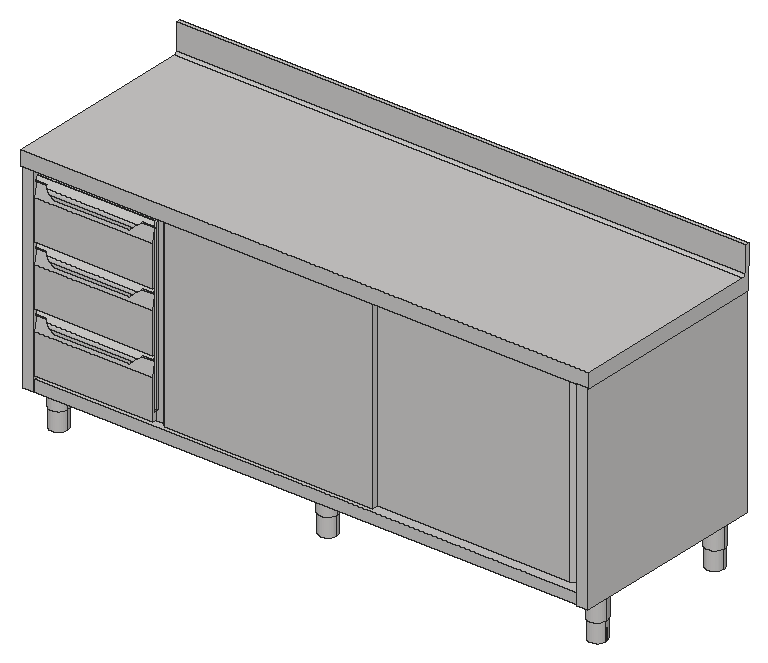
Revit family "QF_ELECTROLUXPROFESSIONAL_133172_NTA2010SXP", category Attrezzature speciali, Revit 2020
Family settings
  Quota connettore circolare = Usa diametro
  Tipo di parte = Normale
  Basato su piano di lavoro = No
  Sempre verticale = Sì
  Taglio con vuoti quando caricato = No
  Condiviso = No
  Punto di calcolo locali = No
Parameters (values of type "Standard")
  Weight = 80.00 kg
  Watts = 0 W
  Volts = 0 V
  URL Manufacturer = "https://www.electroluxprofessional.com/"
  URL = "https://www.electroluxprofessional.com/"
  Steam Supply Size = 0 mm
  Steam Supply Minimum Pressure = 0.0 Pa
  Steam Supply Maximum Pressure = 0.0 Pa
  Steam Consumption per Hour = 0
  Refrigeration Suction Line Size = 0.0 mm
  Refrigeration Liquid Line Size = 0.0 mm
  Refrigerant Compressor Remote = yes
  Prospetto di default = 0.0 mm
  Phase = 0
  Modello = "NTA2010SXP"
  Produttore = "Electrolux Professional"
  Length Actual = 2000.0 mm  # constant formula
  Item Number = "133172"
  Hot Water Size = 0 mm
  Height Actual = 1000.0 mm  # constant formula
  HP = "0 HP"
  Gas Size = 0 mm
  Gas KW = 0
  Gas Input Pressure = 0 W
  Direct Waste Size = 0 mm
  Descrizione = "TABLE+SPLBACK3L/H DRAW 2SLID.DOORS2000MM"
  Depth Actual = 700.0 mm  # constant formula
  Cycle = 0 Hz
  Condensate Return Size = 0 mm
  Compressed Air Volume = 0.0 L/s
  Compressed Air Size = 0 mm
  Compressed Air Pressure = 0.0 Pa
  Cold Water Size = 0 mm
  Accessory = yes
Reference planes
  plane 1 "Center (Front/Back)": y = 0
  plane 2: z = 0
  plane 3 "BACK": y = 350
  plane 4 "FRONT": y = -350
  plane 5 "TOP": z = 900
  plane 6: y = 270
  plane 7: y = -247
  plane 8 "FEET": z = 150
  plane 9: y = -344.5
  plane 10 "BaseTop": z = 850
  plane 11: y = 344.5
  plane 12: z = 1000
  plane 13 "Center (Left/Right)": x = -200
  plane 14: x = 9
  plane 15 "Right": x = 800
  plane 16 "Left": x = -1200
  plane 17: x = 754
  plane 18: x = -1154
  plane 19: x = 756.5
  plane 20: x = -738.5
  plane 21: x = 33.5
  plane 22: x = -15.5
  plane 23: x = 794.5
  plane 24: x = -736
  plane 25: x = -1156.5
  plane 26: x = 747
  plane 27: x = -1147
  plane 28: x = -1194.5
Forms (mm)
  Extrusion 1, solid, material "QF_Finishes_Stainless Steel"
    sketch origin (-400, 0, 150) x (1, 0, 0) y (0, 1, 0)
      loop
        line (1194.5, 350) -> (1156.5, 350) -> (1156.5, -350) -> (1194.5, -350) -> (1194.5, 350)
      loop
        line (-756.4, 350) -> (-794.5, 350) -> (-794.5, -344.5) -> (-756.4, -344.5) -> (-756.4, 350)
    from 0 to 700
  Extrusion 2, solid, material "QF_Finishes_Stainless Steel"
    sketch origin (-400, 0, 150) x (1, 0, 0) y (0, 1, 0)
      loop
        line (1156.5, 347) -> (-756.5, 347) -> (-756.5, -344.5) -> (1156.5, -344.5) -> (1156.5, 347)
    from 0 to 40
  Extrusion 3, solid, material "QF_Finishes_Stainless Steel"
    sketch origin (-433, 0, 150) x (1, 0, 0) y (0, 1, 0)
      loop
        line (417.5, -324.5) -> (1146.034, -324.5) -> (1166.034, -307.5) -> (1185, -307.5) -> (1185, -315.812) -> (1176.312, -324.5) -> (1177.942, -326.129) -> (1187, -317.071) -> (1187, -304.5) -> (417.5, -304.5) -> (417.5, -324.5)
    from 700 to 50
  Extrusion 4, void
    sketch origin (-400, -350, 0) x (1, 0, 0) y (0, 0, -1)
      loop
        line (1142.418, -247.973) -> (1156.5, -229.369) -> (1156.5, -191.4) -> (1142.418, -191.4) -> (1142.418, -247.973)
      loop
        line (1142.418, -816.627) -> (1142.418, -850) -> (1156.5, -850) -> (1156.5, -835.231) -> (1142.418, -816.627)
    from 20.5 to 40.5
  Extrusion 5, solid, material "QF_Finishes_Stainless Steel"
    sketch origin (-400, 0, 150) x (1, 0, 0) y (0, 1, 0)
      loop
        line (-756.5, 350) -> (-756.5, 327) -> (1156.5, 327) -> (1156.5, 350) -> (-756.5, 350)
    from 700 to 40
  Extrusion 6, solid, material "QF_Finishes_Stainless Steel"
    sketch origin (9, 0, 0) x (0, 1, 0) y (0, 0, -1)
      loop
        line (-350, -900) -> (327, -900)
        arc (327, -900) -> (334.071, -902.929) -> (337, -910) r 10
        line (337, -910) -> (337, -1000) -> (350, -1000) -> (350, -850) -> (-350, -850) -> (-350, -900)
    from 1209 to -791
  Extrusion 7, solid, material "QF_Finishes_Stainless Steel"
    sketch origin (447, -20, 150) x (-1, 0, 0) y (0, -1, 0)
      loop
        line (413.5, 324.5) -> (413.5, 304.5) -> (1183, 304.5) -> (1183, 319.071) -> (1175.942, 326.129) -> (1174.312, 324.5) -> (1181, 317.812) -> (1181, 309.5) -> (1164.034, 309.5) -> (1144.034, 324.5) -> (413.5, 324.5)
    from 700 to 50
  Extrusion 8, void
    sketch origin (414, -350, 0) x (-1, 0, 0) y (0, 0, 1)
      loop
        line (1140.418, 247.973) -> (1140.418, 191.4) -> (1152.5, 191.4) -> (1152.5, 229.369) -> (1140.418, 247.973)
      loop
        line (1140.418, 816.627) -> (1152.5, 835.231) -> (1152.5, 850) -> (1140.418, 850) -> (1140.418, 816.627)
    from 2.49 to 20.5
  Extrusion 9, solid, material "QF_Finishes_Stainless Steel"
    sketch origin (0, 0, 850) x (-1, 0, 0) y (0, -1, 0)
      loop
        line (-756.5, 304.5) -> (-756.5, 299.5) -> (-754, 299.5) -> (-754, 304.5) -> (-756.5, 304.5)
    from 0 to -2
Cuts and joins
  Extrusion 4 cuts Extrusion 1
  Extrusion 4 cuts Extrusion 3
  Extrusion 4 cuts Extrusion 6
  Extrusion 8 cuts Extrusion 7
Lines and regions (mm)
  symbolic lines, style "SpecialityEquipment"
    curve 1: line (-1200, 350, 850) -> (800, 350, 850)
    curve 2: line (-1200, -350, 850) -> (-1200, 350, 850)
    curve 3: line (800, -350, 850) -> (-1200, -350, 850)
    curve 4: line (800, 350, 850) -> (800, -350, 850)
    curve 10: line (-1200, 337, 850) -> (800, 337, 850)
  symbolic lines, style "SpecialityEquipmentHiddenLines"
    curve 5: line (33.5, -324.5, 200) -> (33.5, -344.5, 200)
    curve 6: line (-631.5, -344.5, 850) -> (99.034, -344.5, 850)
    curve 7: line (99.034, -344.5, 850) -> (119.034, -329.5, 850)
    curve 8: line (119.034, -329.5, 850) -> (138, -329.5, 850)
    curve 9: line (138, -329.5, 850) -> (138, -324.5, 850)
    curve 11: line (754, -304.5, 850) -> (-15.5, -304.5, 850)
    curve 12: line (-15.5, -304.5, 850) -> (-15.5, -324.5, 850)
    curve 13: line (-736, -324.5, 850) -> (713.034, -324.5, 850)
    curve 14: line (713.034, -324.5, 850) -> (733.034, -309.5, 850)
    curve 15: line (733.034, -309.5, 850) -> (754, -309.5, 850)
    curve 16: line (754, -309.5, 850) -> (754, -304.5, 850)
    curve 17: line (-697.034, -344.5, 850) -> (-717.034, -329.5, 850)
    curve 18: line (-717.034, -329.5, 850) -> (-736, -329.5, 850)
    curve 19: line (-736, -329.5, 850) -> (-736, -324.5, 850)
Dimensions and locks
  plane 3 "BACK" to plane 4 "FRONT" = 700.0 mm
  equal spacing: plane 3 "BACK", plane 1 "Center (Front/Back)", plane 4 "FRONT"
  locked: plane 8 "FEET" to level at 150
  locked: plane 3 "BACK" to plane 6 at 80
  locked: plane 7 to plane 4 "FRONT" at 103
  plane 9 to plane 4 "FRONT" = 5.5 mm  (x2)
  plane 3 "BACK" to plane 11 = 5.5 mm
  plane 5 "TOP" to level = 900.0 mm
  locked: plane 12 to level at 1000
  plane 12 to plane 5 "TOP" = 100.0 mm
  plane 21 to plane 22 = 49.0 mm
  equal spacing: plane 21, plane 14, plane 22
  locked: plane 15 "Right" to plane 23 at 5.5
  locked: plane 23 to plane 19 at 38
  locked: plane 24 to plane 20 at 2.5
  equal spacing: plane 17, plane 14, plane 24
  locked: plane 17 to plane 24 at 1490
  locked: plane 15 "Right" to plane 16 "Left" at 2000
  locked: plane 26 to plane 23 at 47.5
  locked: plane 28 to plane 16 "Left" at 5.5
  locked: plane 25 to plane 28 at 38
  locked: plane 18 to plane 25 at 2.5
  locked: plane 28 to plane 27 at 47.5
  plane 15 "Right" to plane 16 "Left" = 2000.0 mm
  locked: plane 19 to plane 17 at 2.5
  aligned and locked: level to plane 2
  aligned and locked: Extrusion 1 to plane 19
  aligned and locked: plane 19 to Extrusion 2
  aligned and locked: Extrusion 3 to plane 22
  aligned and locked: nested 4 to nested 2
  aligned and locked: plane 19 to Extrusion 5
  aligned and locked: plane 15 "Right" to Extrusion 6
  aligned and locked: Extrusion 6 to plane 16 "Left"
  aligned and locked: plane 25 to Extrusion 2 sketch curve
  aligned and locked: nested 1 to plane 26
  aligned and locked: nested 3 to nested 1
  aligned and locked: nested 2 to plane 27
  aligned and locked: nested 6 to nested 5
  aligned and locked: plane 25 to Extrusion 5
  aligned and locked: curve 5 to cut or joined group of Extrusion 7, Extrusion 8
  aligned and locked: nested 7 to plane 18
Automatic sketch dimensions
  curve 5 to plane 9 = 0.0 mm
  plane 9 to curve 5 = 20.0 mm
  Extrusion 6 sketch curve to plane 4 "FRONT" = 0.0 mm
  Extrusion 6 sketch curve to plane 5 "TOP" = 0.0 mm
  Extrusion 6 sketch curve to plane 12 = 0.0 mm
  Extrusion 6 sketch curve to plane 3 "BACK" = 0.0 mm
  Extrusion 6 sketch curve to plane 10 "BaseTop" = 0.0 mm
  plane 11 to Extrusion 6 sketch curve = 17.5 mm
  plane 11 to Extrusion 6 sketch curve = 7.5 mm
  Extrusion 7 sketch curve to plane 21 = 0.0 mm
  Extrusion 7 sketch curve to plane 9 = 0.0 mm  (x2)
  Extrusion 7 sketch curve to plane 24 = 0.0 mm
  Extrusion 7 sketch curve to plane 24 = 38.966 mm
  Extrusion 7 sketch curve to plane 24 = 18.966 mm
  Extrusion 7 sketch curve to plane 24 = 8.688 mm
  Extrusion 7 sketch curve to plane 9 = 1.629 mm
  Extrusion 7 sketch curve to Extrusion 7 sketch curve = 1.629 mm
  Extrusion 7 sketch curve to plane 24 = 2.0 mm
  plane 9 to Extrusion 7 sketch curve = 15.0 mm
  Extrusion 7 sketch curve to Extrusion 7 sketch curve = 5.0 mm
  Extrusion 8 sketch curve to plane 10 "BaseTop" = 0.0 mm
  plane 20 to Extrusion 8 sketch curve = 0.0 mm  (x2)
  Extrusion 8 sketch curve to plane 24 = 9.582 mm  (x2)
  Extrusion 8 sketch curve to Extrusion 8 sketch curve = 14.769 mm
  Extrusion 8 sketch curve to Extrusion 8 sketch curve = 18.604 mm  (x2)
  plane 8 "FEET" to Extrusion 8 sketch curve = 97.973 mm
  Extrusion 8 sketch curve to Extrusion 8 sketch curve = 37.969 mm
  curve 4 to plane 3 "BACK" = 0.0 mm
  curve 4 to plane 15 "Right" = 0.0 mm
  curve 16 to plane 17 = 0.0 mm
  curve 6 to plane 9 = 0.0 mm
  curve 12 to plane 22 = 0.0 mm
  curve 17 to plane 9 = 0.0 mm
  curve 18 to plane 24 = 0.0 mm
  curve 3 to plane 4 "FRONT" = 0.0 mm
  curve 3 to plane 16 "Left" = 0.0 mm
  plane 26 to curve 14 = 13.966 mm
  curve 14 to curve 13 = 20.0 mm
  plane 9 to curve 8 = 15.0 mm
  curve 8 to plane 21 = 104.5 mm
  curve 8 to curve 8 = 18.966 mm
  curve 7 to curve 6 = 20.0 mm
  curve 18 to curve 18 = 18.966 mm
  plane 9 to curve 11 = 40.0 mm
  curve 11 to curve 16 = 5.0 mm
  plane 9 to curve 13 = 20.0 mm
  curve 13 to curve 19 = 5.0 mm
  curve 6 to curve 17 = 85.534 mm
  curve 17 to curve 17 = 20.0 mm
  curve 10 to plane 11 = 7.5 mm
  Extrusion 1 sketch curve to plane 9 = 0.0 mm
  Extrusion 1 sketch curve to plane 28 = 0.0 mm
  Extrusion 1 sketch curve to plane 3 "BACK" = 0.0 mm  (x2)
  Extrusion 1 sketch curve to plane 19 = 0.0 mm
  Extrusion 1 sketch curve to plane 4 "FRONT" = 0.0 mm
  Extrusion 1 sketch curve to plane 23 = 0.0 mm
  plane 25 to Extrusion 1 sketch curve = 0.1 mm
  Extrusion 2 sketch curve to plane 9 = 0.0 mm
  Extrusion 2 sketch curve to plane 19 = 0.0 mm
  plane 11 to Extrusion 2 sketch curve = 2.5 mm
  Extrusion 3 sketch curve to plane 22 = 0.0 mm
  Extrusion 3 sketch curve to plane 17 = 0.0 mm
  plane 26 to Extrusion 3 sketch curve = 33.966 mm
  plane 26 to Extrusion 3 sketch curve = 13.966 mm
  plane 26 to Extrusion 3 sketch curve = 3.688 mm
  plane 26 to Extrusion 3 sketch curve = 2.058 mm
  plane 17 to Extrusion 3 sketch curve = 2.0 mm
  plane 4 "FRONT" to Extrusion 3 sketch curve = 23.871 mm
  plane 9 to Extrusion 3 sketch curve = 20.0 mm
  Extrusion 3 sketch curve to Extrusion 3 sketch curve = 1.629 mm
  Extrusion 3 sketch curve to Extrusion 3 sketch curve = 8.312 mm
  Extrusion 3 sketch curve to Extrusion 3 sketch curve = 20.0 mm
  Extrusion 4 sketch curve to plane 10 "BaseTop" = 0.0 mm
  plane 19 to Extrusion 4 sketch curve = 0.0 mm  (x2)
  plane 26 to Extrusion 4 sketch curve = 4.582 mm  (x2)
  Extrusion 4 sketch curve to Extrusion 4 sketch curve = 14.769 mm
  Extrusion 4 sketch curve to Extrusion 4 sketch curve = 18.604 mm  (x2)
  plane 8 "FEET" to Extrusion 4 sketch curve = 97.973 mm
  Extrusion 4 sketch curve to Extrusion 4 sketch curve = 37.969 mm
  Extrusion 5 sketch curve to plane 3 "BACK" = 0.0 mm
  Extrusion 5 sketch curve to plane 25 = 0.0 mm
  Extrusion 5 sketch curve to plane 19 = 0.0 mm
  Extrusion 5 sketch curve to plane 11 = 17.5 mm
  Extrusion 9 sketch curve to plane 17 = 0.0 mm
  plane 19 to Extrusion 9 sketch curve = 0.0 mm
  plane 9 to Extrusion 9 sketch curve = 45.0 mm
  Extrusion 9 sketch curve to Extrusion 9 sketch curve = 5.0 mm
Nested families
  nested 1: "FEET_D60-150" at (747, -247, 0) x (-1, 0, 0) z (0, 0, 1), type "FEET_D60-150"
  nested 2: "FEET_D60-150" at (-1147, -247, 0) x (-1, 0, 0) z (0, 0, 1), type "FEET_D60-150"
  nested 3: "FEET_D60-150" at (747, 270, 0) x (-1, 0, 0) z (0, 0, 1), type "FEET_D60-150"
  nested 4: "FEET_D60-150" at (-1147, 270, 0) x (-1, 0, 0) z (0, 0, 1), type "FEET_D60-150"
  nested 5: "FEET_D60-150" at (-200, -247, 0) x (-1, 0, 0) z (0, 0, 1), type "FEET_D60-150"
  nested 6: "FEET_D60-150" at (-200, 270, 0) x (-1, 0, 0) z (0, 0, 1), type "FEET_D60-150"
  nested 7: "H637_600_3DRAWERS" at (-910.458, -304.5, 152) x (-1, 0, 0) z (0, -1, 0), type "H637_600_3DRAWERS"
    with Show Clearance yes
Definition of nested family "FEET_D60-150"
  Parameters
    Default Elevation = 0.0 mm
    FEET = 150.0 mm
  Reference planes
    plane 1 "Center (Front/Back)": y = 0
    plane 2: z = 0
    plane 3 "Center (Left/Right)": x = 0
    plane 4: z = 150
  Forms (mm)
    Extrusion 1, solid
      sketch origin (0, 0, 0) x (1, 0, 0) y (0, 1, 0)
        loop
          circle (0, 0) r 28
      from 0 to 67
    Revolve 2, solid
      sketch origin (0, 0, 0) x (1, 0, 0) y (0, 0, 1)
        loop
          line (0, 0) -> (0, 150) -> (-32.939, 150) -> (-32.939, 67) -> (-30, 67) -> (-30, 0) -> (0, 0)
        axis (0, 150) -> (0, 0)
      angle from 0 to 360
  Lines and regions (mm)
    symbolic lines
      curve 1: line (0, -1.503, 0) -> (0, 1.508, 0)
      curve 2: line (1.561, 0, 0) -> (-1.439, 0, 0)
  Dimensions and locks
    "FEET": plane 4 to plane 2
    aligned and locked: level to plane 2
  Automatic sketch dimensions
    plane 1 "Center (Front/Back)" to Extrusion 1 sketch curve = 0.0 mm
    Extrusion 1 sketch curve to plane 3 "Center (Left/Right)" = 0.0 mm
    plane 1 "Center (Front/Back)" to curve 2 = 0.0 mm
    curve 1 to plane 3 "Center (Left/Right)" = 0.0 mm
    curve 2 to plane 3 "Center (Left/Right)" = 1.439 mm
    plane 3 "Center (Left/Right)" to curve 2 = 1.561 mm
    plane 1 "Center (Front/Back)" to curve 1 = 1.503 mm
    curve 1 to plane 1 "Center (Front/Back)" = 1.508 mm
    Revolve 2 sketch curve to plane 4 = 0.0 mm
    Revolve 2 sketch curve to level = 0.0 mm
    Revolve 2 sketch curve to plane 3 "Center (Left/Right)" = 0.0 mm  (x2)
    Revolve 2 sketch curve to plane 3 "Center (Left/Right)" = 30.0 mm
    Revolve 2 sketch curve to plane 3 "Center (Left/Right)" = 32.939 mm
    level to Revolve 2 sketch curve = 67.0 mm
    Revolve 2 sketch curve to level = 42.207 mm
    Revolve 2 sketch curve to Revolve 2 sketch curve = 10.0 mm
    radius of Extrusion 1 sketch curve = 28.0 mm
Definition of nested family "H637_600_3DRAWERS"
  Parameters
    Width = 419.0 mm
    Show Clearance [instance] = yes
    Model = "727995"
    Height = 700.0 mm
    Default Elevation = 0.0 mm
  Reference planes
    plane 1 "Center (Front/Back)": y = 0
    plane 2: z = 0
    plane 3 "Center (Left/Right)": x = 36.042
    plane 4 "panel": z = 25
    plane 5 "Left": x = -173.458
    plane 6 "Right": x = 245.542
    plane 7: y = 700
    plane 8: z = 45
    plane 9: x = 243.542
    plane 10: x = -171.458
    plane 11: y = 676
    plane 12: y = 38
    plane 13: z = 499.734
    plane 14: y = 470
    plane 15: y = 465
    plane 16: y = 259
    plane 17: y = 254
    plane 18: y = 48
  Forms (mm)
    Extrusion 1, solid
      sketch origin (0, -919.2, 0) x (1, 0, 0) y (0, 1, 0)
        loop
          line (-980.5, 2119.2) -> (-980.5, -162.846) -> (881.94, -162.846) -> (881.94, 2119.2) -> (-980.5, 2119.2)
      from 0 to -59.546
    Extrusion 2, solid
      sketch origin (36.042, -645.693, 0) x (0, 1, 0) y (0, 0, 1)
        loop
          line (856.63, 49.734) -> (856.63, 47.734) -> (866.98, 47.734)
          arc (866.98, 47.734) -> (873.586, 46.42) -> (879.186, 42.679) r 17.261
          line (879.186, 42.679) -> (896.019, 25.845) -> (899.693, 25) -> (880.6, 44.093)
          arc (880.6, 44.093) -> (874.351, 48.268) -> (866.98, 49.734) r 19.261
          line (866.98, 49.734) -> (856.63, 49.734)
      from -207.5 to 207.5
    Extrusion 3, solid, detail levels coarse
      sketch origin (0, 0, 0) x (1, 0, 0) y (0, 0, 1)
        loop
          line (-171.458, 40) -> (243.542, 40) -> (243.542, 499.734) -> (-171.458, 499.734) -> (-171.458, 40)
      from -48 to -254
    Extrusion 4, solid
      sketch origin (36.042, -616, 0) x (0, 1, 0) y (0, 0, 1)
        loop
          line (664.4, 40) -> (664.4, 0) -> (870, 0) -> (870, 25) -> (804.797, 40) -> (664.4, 40)
      from 207.5 to -207.5
    Extrusion 5, void
      sketch origin (0, 0, 0) x (1, 0, 0) y (0, 1, 0)
        loop
          line (-99.744, 213.799) -> (-133.705, 243.322) -> (-166.458, 243.322)
          arc (-166.458, 243.322) -> (-169.994, 244.786) -> (-171.458, 248.322) r 5
          line (-171.458, 248.322) -> (-171.458, 210.937) -> (-91.403, 210.937)
          arc (-91.403, 210.937) -> (-95.762, 211.819) -> (-99.744, 213.799) r 17.035
      from 36.678 to 53.74
    Extrusion 6, void
      sketch origin (72.084, 0, 0) x (-1, 0, 0) y (0, -1, 0)
        loop
          arc (-99.744, -213.799) -> (-95.762, -211.819) -> (-91.403, -210.937) r 17.035
          line (-91.403, -210.937) -> (-171.458, -210.937) -> (-171.458, -248.322)
          arc (-171.458, -248.322) -> (-169.994, -244.786) -> (-166.458, -243.322) r 5
          line (-166.458, -243.322) -> (-133.705, -243.322) -> (-99.744, -213.799)
      from 36.678 to 53.74
    Extrusion 7, solid
      sketch origin (36.042, -434.693, 0) x (0, 1, 0) y (0, 0, 1)
        loop
          line (856.63, 49.734) -> (856.63, 47.734) -> (866.98, 47.734)
          arc (866.98, 47.734) -> (873.586, 46.42) -> (879.186, 42.679) r 17.261
          line (879.186, 42.679) -> (896.019, 25.845) -> (899.693, 25) -> (880.6, 44.093)
          arc (880.6, 44.093) -> (874.351, 48.268) -> (866.98, 49.734) r 19.261
          line (866.98, 49.734) -> (856.63, 49.734)
      from -207.5 to 207.5
    Extrusion 8, solid
      sketch origin (36.042, -405, 0) x (0, 1, 0) y (0, 0, 1)
        loop
          line (664, 40) -> (664, 0) -> (870, 0) -> (870, 25) -> (804.797, 40) -> (664, 40)
      from 207.5 to -207.5
    Extrusion 9, void
      sketch origin (0, 211, 0) x (1, 0, 0) y (0, 1, 0)
        loop
          line (-99.744, 213.799) -> (-133.705, 243.322) -> (-166.458, 243.322)
          arc (-166.458, 243.322) -> (-169.994, 244.786) -> (-171.458, 248.322) r 5
          line (-171.458, 248.322) -> (-171.458, 210.937) -> (-91.403, 210.937)
          arc (-91.403, 210.937) -> (-95.762, 211.819) -> (-99.744, 213.799) r 17.035
      from 36.678 to 53.74
    Extrusion 10, void
      sketch origin (72.084, 211, 0) x (-1, 0, 0) y (0, -1, 0)
        loop
          arc (-99.744, -213.799) -> (-95.762, -211.819) -> (-91.403, -210.937) r 17.035
          line (-91.403, -210.937) -> (-171.458, -210.937) -> (-171.458, -248.322)
          arc (-171.458, -248.322) -> (-169.994, -244.786) -> (-166.458, -243.322) r 5
          line (-166.458, -243.322) -> (-133.705, -243.322) -> (-99.744, -213.799)
      from 36.678 to 53.74
    Extrusion 11, solid
      sketch origin (36.042, -223.693, 0) x (0, 1, 0) y (0, 0, 1)
        loop
          line (856.63, 49.734) -> (856.63, 47.734) -> (866.98, 47.734)
          arc (866.98, 47.734) -> (873.586, 46.42) -> (879.186, 42.679) r 17.261
          line (879.186, 42.679) -> (896.019, 25.845) -> (899.693, 25) -> (880.6, 44.093)
          arc (880.6, 44.093) -> (874.351, 48.268) -> (866.98, 49.734) r 19.261
          line (866.98, 49.734) -> (856.63, 49.734)
      from -207.5 to 207.5
    Extrusion 12, solid
      sketch origin (36.042, -194, 0) x (0, 1, 0) y (0, 0, 1)
        loop
          line (664, 40) -> (664, 0) -> (870, 0) -> (870, 25) -> (804.797, 40) -> (664, 40)
      from 207.5 to -207.5
    Extrusion 13, void
      sketch origin (0, 422, 0) x (1, 0, 0) y (0, 1, 0)
        loop
          line (-99.744, 213.799) -> (-133.705, 243.322) -> (-166.458, 243.322)
          arc (-166.458, 243.322) -> (-169.994, 244.786) -> (-171.458, 248.322) r 5
          line (-171.458, 248.322) -> (-171.458, 210.937) -> (-91.403, 210.937)
          arc (-91.403, 210.937) -> (-95.762, 211.819) -> (-99.744, 213.799) r 17.035
      from 36.678 to 53.74
    Extrusion 14, void
      sketch origin (72.084, 422, 0) x (-1, 0, 0) y (0, -1, 0)
        loop
          arc (-99.744, -213.799) -> (-95.762, -211.819) -> (-91.403, -210.937) r 17.035
          line (-91.403, -210.937) -> (-171.458, -210.937) -> (-171.458, -248.322)
          arc (-171.458, -248.322) -> (-169.994, -244.786) -> (-166.458, -243.322) r 5
          line (-166.458, -243.322) -> (-133.705, -243.322) -> (-99.744, -213.799)
      from 36.678 to 53.74
    Extrusion 15, solid, detail levels coarse
      sketch origin (0, 0, 0) x (1, 0, 0) y (0, 0, 1)
        loop
          line (-171.458, 40) -> (243.542, 40) -> (243.542, 499.734) -> (-171.458, 499.734) -> (-171.458, 40)
      from -259 to -465
    Extrusion 16, solid, detail levels coarse
      sketch origin (0, 0, 0) x (1, 0, 0) y (0, 0, 1)
        loop
          line (-171.458, 40) -> (243.542, 40) -> (243.542, 499.734) -> (-171.458, 499.734) -> (-171.458, 40)
      from -470 to -676
  Cuts and joins
    Extrusion 5, Extrusion 6, Extrusion 9, Extrusion 10 cuts Extrusion 2
    Extrusion 5 cuts Extrusion 4
    Extrusion 9, Extrusion 10, Extrusion 13, Extrusion 14 cuts Extrusion 7
    Extrusion 13, Extrusion 14 cuts Extrusion 11
  Lines and regions (mm)
    symbolic lines
      curve 1: line (243.542, 0, 179.734) -> (243.542, 0, 199.734)
      curve 2: line (212.235, 0, 49.734) -> (-171.458, 0, 49.734)
      curve 3: spline (231.959, 0, 44.389) -> (230.421, 0, 45.265) -> (228.856, 0, 46.066) -> (227.265, 0, 46.791) -> (225.651, 0, 47.437) -> (224.017, 0, 48.005) -> (222.365, 0, 48.493) -> (220.698, 0, 48.9) -> (219.019, 0, 49.226) -> (217.331, 0, 49.471) -> (215.636, 0, 49.633) -> (213.936, 0, 49.712) -> (212.236, 0, 49.71)
      curve 4: line (238.456, 0, 40) -> (231.959, 0, 44.389)
      curve 5: line (243.542, 0, 500) -> (-171.458, 0, 500)
      curve 6: line (243.542, 0, 349.734) -> (-171.458, 0, 349.734)
      curve 7: line (243.542, 0, 199.734) -> (-171.458, 0, 199.734)
      curve 8: line (243.542, 0, 480) -> (-171.458, 0, 480)
      curve 9: line (243.542, 0, 329.734) -> (-171.458, 0, 329.734)
      curve 10: line (243.542, 0, 179.734) -> (-171.458, 0, 179.734)
      curve 11: line (-156.458, 0, 49.734) -> (-156.458, 0, 179.734)
      curve 12: line (-156.458, 0, 349.734) -> (-156.458, 0, 480)
      curve 13: line (-156.458, 0, 199.734) -> (-156.458, 0, 329.734)
      curve 14: line (228.542, 0, 49.734) -> (228.542, 0, 179.734)
      curve 15: line (228.542, 0, 349.734) -> (228.542, 0, 480)
      curve 16: line (228.542, 0, 199.734) -> (228.542, 0, 329.734)
      curve 17: line (243.542, 0, 480) -> (243.542, 0, 500)
      curve 18: line (243.542, 0, 329.734) -> (243.542, 0, 349.734)
      curve 19: line (-171.458, 0, 179.734) -> (-171.458, 0, 199.734)
      curve 20: line (-171.458, 0, 480) -> (-171.458, 0, 500)
      curve 21: line (-171.458, 0, 329.734) -> (-171.458, 0, 349.734)
  Dimensions and locks
    plane 4 "panel" to level = 25.0 mm
    "Width": plane 5 "Left" to plane 6 "Right"
    equal spacing: plane 5 "Left", plane 3 "Center (Left/Right)", plane 6 "Right"
    "Height": plane 1 "Center (Front/Back)" to plane 7
    plane 9 to plane 6 "Right" = 2.0 mm
    plane 5 "Left" to plane 10 = 2.0 mm
    plane 7 to plane 11 = 24.0 mm
    plane 1 "Center (Front/Back)" to plane 12 = 38.0 mm
    plane 10 to plane 9 = 415.0 mm
    plane 11 to plane 14 = 206.0 mm
    locked: plane 14 to plane 15 at 5
    plane 15 to plane 16 = 206.0 mm
    locked: plane 16 to plane 17 at 5
    plane 17 to plane 18 = 206.0 mm  (x2)
    plane 16 to plane 17 = 5.0 mm
    plane 14 to plane 15 = 5.0 mm
    plane 16 to plane 15 = 206.0 mm
    plane 14 to plane 11 = 206.0 mm
    aligned and locked: plane 2 to Extrusion 1
    aligned and locked: level to Extrusion 1
    aligned and locked: plane 9 to Extrusion 4
    aligned and locked: plane 10 to Extrusion 4
  Automatic sketch dimensions
    Extrusion 1 sketch curve to Extrusion 1 sketch curve = 1862.44 mm
    Extrusion 1 sketch curve to Extrusion 1 sketch curve = 2282.046 mm
    Extrusion 2 sketch curve to Extrusion 2 sketch curve = 0.0 mm  (x2)
    Extrusion 2 sketch curve to plane 4 "panel" = 0.0 mm
    Extrusion 2 sketch curve to plane 17 = 0.0 mm
    plane 4 "panel" to Extrusion 2 sketch curve = 0.845 mm
    Extrusion 2 sketch curve to plane 17 = 3.674 mm
    Extrusion 2 sketch curve to plane 8 = 0.907 mm
    Extrusion 2 sketch curve to plane 17 = 19.093 mm
    Extrusion 2 sketch curve to plane 8 = 2.321 mm
    Extrusion 2 sketch curve to Extrusion 2 sketch curve = 1.414 mm
    plane 4 "panel" to Extrusion 2 sketch curve = 5.474 mm
    Extrusion 2 sketch curve to Extrusion 2 sketch curve = 12.205 mm
    Extrusion 2 sketch curve to Extrusion 2 sketch curve = 10.351 mm
    Extrusion 4 sketch curve to level = 0.0 mm
    Extrusion 4 sketch curve to plane 4 "panel" = 0.0 mm
    Extrusion 4 sketch curve to plane 17 = 0.0 mm
    Extrusion 4 sketch curve to plane 8 = 5.0 mm
    Extrusion 4 sketch curve to plane 17 = 65.203 mm
    plane 18 to Extrusion 4 sketch curve = 0.4 mm
    Extrusion 7 sketch curve to Extrusion 7 sketch curve = 0.0 mm  (x2)
    Extrusion 7 sketch curve to plane 4 "panel" = 0.0 mm
    Extrusion 7 sketch curve to plane 15 = 0.0 mm
    plane 4 "panel" to Extrusion 7 sketch curve = 0.845 mm
    Extrusion 7 sketch curve to plane 15 = 3.674 mm
    Extrusion 7 sketch curve to plane 8 = 0.907 mm
    Extrusion 7 sketch curve to plane 15 = 19.093 mm
    Extrusion 7 sketch curve to plane 8 = 2.321 mm
    Extrusion 7 sketch curve to Extrusion 7 sketch curve = 1.414 mm
    plane 4 "panel" to Extrusion 7 sketch curve = 5.474 mm
    Extrusion 7 sketch curve to Extrusion 7 sketch curve = 12.205 mm
    Extrusion 7 sketch curve to Extrusion 7 sketch curve = 10.351 mm
    Extrusion 8 sketch curve to plane 16 = 0.0 mm
    Extrusion 8 sketch curve to plane 4 "panel" = 0.0 mm
    Extrusion 8 sketch curve to plane 15 = 0.0 mm
    Extrusion 8 sketch curve to level = 0.0 mm
    Extrusion 8 sketch curve to plane 8 = 5.0 mm
    Extrusion 8 sketch curve to plane 15 = 65.203 mm
    Extrusion 11 sketch curve to Extrusion 11 sketch curve = 0.0 mm  (x2)
    Extrusion 11 sketch curve to plane 4 "panel" = 0.0 mm
    Extrusion 11 sketch curve to plane 11 = 0.0 mm
    plane 4 "panel" to Extrusion 11 sketch curve = 0.845 mm
    Extrusion 11 sketch curve to plane 11 = 3.674 mm
    Extrusion 11 sketch curve to plane 8 = 0.907 mm
    Extrusion 11 sketch curve to plane 11 = 19.093 mm
    Extrusion 11 sketch curve to plane 8 = 2.321 mm
    Extrusion 11 sketch curve to Extrusion 11 sketch curve = 1.414 mm
    plane 4 "panel" to Extrusion 11 sketch curve = 5.474 mm
    Extrusion 11 sketch curve to Extrusion 11 sketch curve = 12.205 mm
    Extrusion 11 sketch curve to Extrusion 11 sketch curve = 10.351 mm
    Extrusion 12 sketch curve to plane 14 = 0.0 mm
    Extrusion 12 sketch curve to plane 4 "panel" = 0.0 mm
    Extrusion 12 sketch curve to plane 11 = 0.0 mm
    Extrusion 12 sketch curve to level = 0.0 mm
    Extrusion 12 sketch curve to plane 8 = 5.0 mm
    Extrusion 12 sketch curve to plane 11 = 65.203 mm
    plane 10 to curve 21 = 0.0 mm
    plane 10 to curve 20 = 0.0 mm
    plane 10 to curve 2 = 0.0 mm
    plane 10 to curve 19 = 0.0 mm
    curve 6 to plane 9 = 0.0 mm
    curve 7 to plane 9 = 0.0 mm
    curve 17 to plane 9 = 0.0 mm
    curve 4 to plane 8 = 0.611 mm
    curve 4 to plane 9 = 11.583 mm
    plane 8 to curve 19 = 134.734 mm
    curve 19 to curve 19 = 20.0 mm
    curve 1 to curve 18 = 130.0 mm
    curve 9 to curve 18 = 20.0 mm
    plane 13 to curve 17 = 19.734 mm
    curve 20 to plane 13 = 0.266 mm
    plane 8 to curve 11 = 4.734 mm
    curve 11 to plane 10 = 15.0 mm
    curve 21 to curve 12 = 15.0 mm
    curve 19 to curve 13 = 15.0 mm
    curve 2 to curve 3 = 19.723 mm
    curve 2 to curve 3 = 0.0 mm
    curve 3 to level = 1.281 mm
    curve 3 to plane 6 "Right" = 32.398 mm
    curve 15 to curve 6 = 15.0 mm
    curve 14 to curve 1 = 15.0 mm
    curve 16 to curve 1 = 15.0 mm
    curve 4 to plane 9 = 5.086 mm
    curve 4 to plane 8 = 5.0 mm
    curve 3 to curve 2 = 0.025 mm
    plane 8 to curve 14 = 4.734 mm
    plane 10 to Extrusion 3 sketch curve = 0.0 mm
    Extrusion 3 sketch curve to plane 9 = 0.0 mm
    Extrusion 3 sketch curve to plane 13 = 0.0 mm
    Extrusion 3 sketch curve to plane 8 = 5.0 mm
    Extrusion 5 sketch curve to plane 10 = 0.0 mm
    Extrusion 5 sketch curve to plane 10 = 5.0 mm
    Extrusion 5 sketch curve to plane 17 = 10.678 mm
    Extrusion 5 sketch curve to Extrusion 5 sketch curve = 32.753 mm
    Extrusion 5 sketch curve to Extrusion 5 sketch curve = 33.961 mm
    Extrusion 5 sketch curve to Extrusion 5 sketch curve = 8.34 mm
    Extrusion 5 sketch curve to Extrusion 5 sketch curve = 9.511 mm
    Extrusion 5 sketch curve to plane 17 = 26.068 mm
    Extrusion 5 sketch curve to Extrusion 5 sketch curve = 14.132 mm
    Extrusion 6 sketch curve to plane 9 = 0.0 mm
    plane 9 to Extrusion 6 sketch curve = 5.0 mm
    plane 17 to Extrusion 6 sketch curve = 10.678 mm
    Extrusion 6 sketch curve to Extrusion 6 sketch curve = 32.753 mm
    Extrusion 6 sketch curve to Extrusion 6 sketch curve = 33.961 mm
    Extrusion 6 sketch curve to Extrusion 6 sketch curve = 8.34 mm
    Extrusion 6 sketch curve to Extrusion 6 sketch curve = 1.171 mm
    plane 17 to Extrusion 6 sketch curve = 26.068 mm
    Extrusion 6 sketch curve to Extrusion 6 sketch curve = 14.132 mm
    Extrusion 9 sketch curve to plane 10 = 0.0 mm
    Extrusion 9 sketch curve to plane 10 = 5.0 mm
    Extrusion 9 sketch curve to plane 15 = 10.678 mm
    Extrusion 9 sketch curve to Extrusion 9 sketch curve = 32.753 mm
    Extrusion 9 sketch curve to Extrusion 9 sketch curve = 33.961 mm
    Extrusion 9 sketch curve to Extrusion 9 sketch curve = 8.34 mm
    Extrusion 9 sketch curve to Extrusion 9 sketch curve = 9.511 mm
    Extrusion 9 sketch curve to plane 15 = 26.068 mm
    Extrusion 9 sketch curve to Extrusion 9 sketch curve = 14.132 mm
    Extrusion 10 sketch curve to plane 9 = 0.0 mm
    plane 9 to Extrusion 10 sketch curve = 5.0 mm
    plane 15 to Extrusion 10 sketch curve = 10.678 mm
    Extrusion 10 sketch curve to Extrusion 10 sketch curve = 32.753 mm
    Extrusion 10 sketch curve to Extrusion 10 sketch curve = 33.961 mm
    Extrusion 10 sketch curve to Extrusion 10 sketch curve = 8.34 mm
    Extrusion 10 sketch curve to Extrusion 10 sketch curve = 1.171 mm
    plane 15 to Extrusion 10 sketch curve = 26.068 mm
    Extrusion 10 sketch curve to Extrusion 10 sketch curve = 14.132 mm
    Extrusion 13 sketch curve to plane 10 = 0.0 mm
    Extrusion 13 sketch curve to plane 10 = 5.0 mm
    Extrusion 13 sketch curve to plane 11 = 10.678 mm
    Extrusion 13 sketch curve to Extrusion 13 sketch curve = 32.753 mm
    Extrusion 13 sketch curve to Extrusion 13 sketch curve = 33.961 mm
    Extrusion 13 sketch curve to Extrusion 13 sketch curve = 8.34 mm
    Extrusion 13 sketch curve to Extrusion 13 sketch curve = 9.511 mm
    Extrusion 13 sketch curve to plane 11 = 26.068 mm
    Extrusion 13 sketch curve to Extrusion 13 sketch curve = 14.132 mm
    Extrusion 14 sketch curve to plane 9 = 0.0 mm
    plane 9 to Extrusion 14 sketch curve = 5.0 mm
    plane 11 to Extrusion 14 sketch curve = 10.678 mm
    Extrusion 14 sketch curve to Extrusion 14 sketch curve = 32.753 mm
    Extrusion 14 sketch curve to Extrusion 14 sketch curve = 33.961 mm
    Extrusion 14 sketch curve to Extrusion 14 sketch curve = 8.34 mm
    Extrusion 14 sketch curve to Extrusion 14 sketch curve = 1.171 mm
    plane 11 to Extrusion 14 sketch curve = 26.068 mm
    Extrusion 14 sketch curve to Extrusion 14 sketch curve = 14.132 mm
    plane 10 to Extrusion 15 sketch curve = 0.0 mm
    Extrusion 15 sketch curve to plane 9 = 0.0 mm
    Extrusion 15 sketch curve to plane 8 = 5.0 mm
    plane 13 to Extrusion 15 sketch curve = 0.0 mm
    plane 10 to Extrusion 16 sketch curve = 0.0 mm
    Extrusion 16 sketch curve to plane 9 = 0.0 mm
    Extrusion 16 sketch curve to plane 8 = 5.0 mm
    plane 8 to Extrusion 16 sketch curve = 454.734 mm
